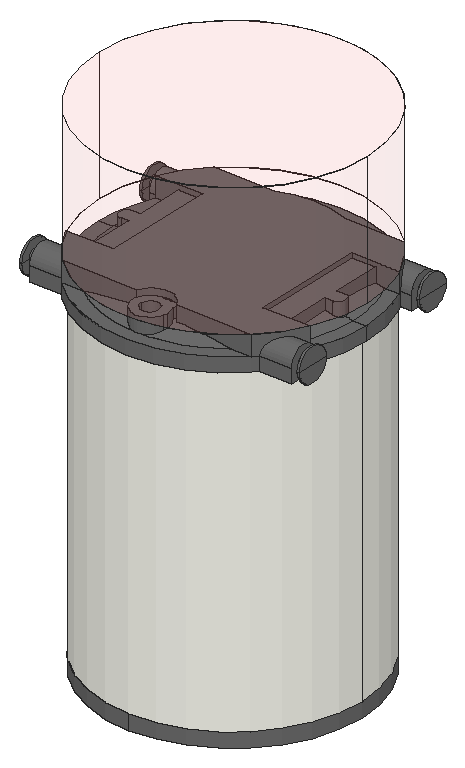
Revit family
Parameters (values of type "1105C4F")
  Watermarked By = "http://revitwatermark.com"
  Water_Ice Tank Volume = "980 Gallons"
  Warning = "Ice tanks are a component in an ice storage system including chillers, pumps, and controls. Contact CALMAC for IceBank® selection support to make sure all system components will work together properly."
  URL = "http://www.calmac.com/"
  Total Cooling Capacity [instance] = 0.0 ton
  Tank Net Usable Capacity = "105 Ton-Hrs"
  Product Page URL = "http://www.calmac.com/products/icebank.asp"
  Is Tank 1 Front Right Connector Visible = not(CTRL Off)  # yes
  Is Tank 1 Front Left Connector Visible = not(CTRL Off)  # yes
  Is Tank 1 Back Right Connector Visible = not(CTRL Off)  # yes
  Is Tank 1 Back Left Connector Visible = not(CTRL Off)  # yes
  Surface Finish = Plastic- Calmac- Black
  Supply Coolant Temperature [instance] = -459.67 °F
  Storage Inlet Temperature [instance] = 60 °F
  Shipping Weight = 1315.00 lbf
  Return Coolant Temperature [instance] = -459.67 °F
  Requires Plate Heat Exchanger [instance] = no
  Project/Customer = ""
  Product Documentation Link = "http://www.calmac.com/products/documents/CS-83Model1105C4F_U4FAug2007.pdf"
  Pressure Drop [instance] = 0.00 psi
  Precool Hours [instance] = 0
  Pipe Material = Plastic- Calmac- Black
  Operating Weight = 10885.00 lbf
  Occupied Hours [instance] = 0
  Model = "1105C"
  Maximum Operating Temperature = "38°C"
  Maximum Operating Pressure = "620 kPa"
  Manufacturer e-mail = "info@Calmac.com"
  Manufacturer Contact Details = "CALMAC Manufacturing Corporation Headquarters, 3-00 Banta Place, Fair Lawn, NJ  07410, Tel: (201) 797-1511, Fax: (201) 797-1522"
  Manufacturer = "CALMAC Manufacturing Corp."  # constant formula
  Main Use [instance] = ""
  Location [instance] = ""
  Lid Diameter = 7' - 5"  # constant formula
  Leg 4 = 3' - 2 1/4"  # constant formula
  Leg 1 = 3' - 2 1/4"  # constant formula
  Latent Cooling Capacity [instance] = 0.0 ton
  Inlet Outlet Center Height = 8' - 0 1/2"  # constant formula
  Heat Exchanger Volume = "99 Gallons"
  Has Rigging Bar [instance] = no
  Has Plate and Frame Heat Exchanger [instance] = no
  Has Ice Inventory Meter [instance] = no
  Has Heat Transfer Fluid [instance] = no
  Has Glycol Management System [instance] = no
  Floor Loading Weight = "363 lb/sq.ft."
  Factory Tested Pressure = "1724 kPa"
  Diversity Factor [instance] = 0
  Discharge Rate [instance] = 0
  Discharge Hours [instance] = 0
  Description = "Off-Peak Cooling System"
  Is Clearance Box Visible [instance] = yes
  Clearance Box Height = 3' - 0"  # constant formula
  City/State [instance] = ""
  CTRL Width = 6' - 1 3/4"
  CTRL On = yes
  CTRL Off = not(CTRL On)  # no
  CTRL Hydronic Supply Description = "Hydronic Supply"  # constant formula
  CTRL Hydronic Return Description = "Hydronic Return"  # constant formula
  CTRL Base Radius = 2' - 11 113/256"  # constant formula
  Body Material = Plastic- Calmac- Off_White
  Has Solid Base [instance] = yes
  Base Height = Inlet Outlet Center Height - 0' 3 3/4"  # 7' - 8 3/4"
  Base Finish = Plastic- Calmac- Black
  Assembly Code = "D3030300"
  Actual Chilled Water Flow [instance] = 0 GPM
Reference planes (in)
  plane 1 "Center (Front/Back)": y = 0
  plane 2 "Bottom": z = 0
  plane 3 "Center (Left/Right)": x = 0
  plane 4 "T.O. Base": z = 92.75
  plane 5 "Inlet/Outlet Center (Elevation)": z = 96.5
  plane 6 "Right Connector Face": x = 38.25
  plane 7 "Left Connector Face": x = -38.25
  plane 8 "T.o. Lid": z = 102
  plane 9 "Top": z = 138
  plane 10 "Front Connector Center (F/B)": y = -20.5
  plane 11 "Back Connector Center (F/B)": y = 20.5
  plane 12 "Back": y = 36.875
  plane 13 "Front": y = -36.875
Dimensions and locks (in)
  locked: plane 5 "Inlet/Outlet Center (Elevation)" to plane 4 "T.O. Base" at 3.75
  "Inlet Outlet Center Height": plane 5 "Inlet/Outlet Center (Elevation)" to plane 2 "Bottom"
  "Leg 1": plane 3 "Center (Left/Right)" to plane 6 "Right Connector Face"
  "Leg 4": plane 7 "Left Connector Face" to plane 3 "Center (Left/Right)"
  locked: plane 8 "T.o. Lid" to plane 5 "Inlet/Outlet Center (Elevation)" at 5.5
  locked: plane 10 "Front Connector Center (F/B)" to plane 1 "Center (Front/Back)" at 20.5
  locked: plane 1 "Center (Front/Back)" to plane 11 "Back Connector Center (F/B)" at 20.5
  "Clearance Box Height": plane 9 "Top" to plane 8 "T.o. Lid"
  plane 8 "T.o. Lid" to plane 2 "Bottom" = 8' - 6"
  equal spacing: plane 13 "Front", plane 1 "Center (Front/Back)", plane 12 "Back"
  "CTRL Width": plane 13 "Front" to plane 12 "Back"
  plane 7 "Left Connector Face" to plane 6 "Right Connector Face" = 6' - 4 1/2"
  plane 7 "Left Connector Face" to plane 3 "Center (Left/Right)" = 3' - 2 1/4"
  aligned and locked: plane 1 "Center (Front/Back)" to nested 1
  aligned and locked: plane 3 "Center (Left/Right)" to nested 1
  aligned and locked: plane 4 "T.O. Base" to nested 2
  aligned and locked: plane 1 "Center (Front/Back)" to nested 2
  aligned and locked: plane 5 "Inlet/Outlet Center (Elevation)" to nested 2
  aligned and locked: plane 3 "Center (Left/Right)" to nested 2
  aligned and locked: plane 2 "Bottom" to nested 1
Nested families (in)
  nested 1: "Cooling_Plant_Accessories-Calmac-IceBank-Base" at (0, 0, 0), type "Base"
    with Is Symbolic Line Visible no, Has Solid Base yes, CTRL Inner Wall Radius 2' - 10 145/256", CTRL Base Radius 2' - 11 113/256", Base Height 7' - 8 3/4"
  nested 2: "Cooling_Plant_Accessories-Calmac-IceBank-Lid_C-75" at (0, 0, 92.75), Surface Finish <- "Surface Finish", Pipe Material <- "Pipe Material", Clearance Box Height <- "Clearance Box Height", Is Clearance Box Visible <- "Is Clearance Box Visible", type "C-75"
    with Surface Finish Plastic- Calmac- Black, Pipe Material Plastic- Calmac- Black, Is Clearance Box Visible yes, Clearance Box Height 3' - 0", CTRL Radius 3' - 0 11/16", Is Front Left Flanged Connector Visible yes, Is Back Left Flanged Connector Visible yes
Connectors (in)
  piping at (38.25, 20.5, 96.5), driven by "CTRL Hydronic Supply Description", driven by "Actual Chilled Water Flow"
    settings: on nested 2, index 1, connector radius 2", flow factor 0, pipe flow 0 GPM, pressure drop 0.00 psi, fitting loss kfactor 0, connector angle 0.00°, fixture units 0, flow configuration 0, flow direction 2, fitting loss method 0, system type 7, connector reference index -1, connector utility 0, adjustable connector no, is connector primary yes, fitting loss table "", connector description "Hydronic Supply"
  piping at (38.25, -20.5, 96.5), driven by "CTRL Hydronic Return Description"
    settings: on nested 2, index 2, connector radius 2", flow factor 0, pipe flow 0 GPM, pressure drop 0.00 psi, fitting loss kfactor 0, connector angle 0.00°, fixture units 0, flow configuration 0, flow direction 1, fitting loss method 0, system type 8, connector reference index -1, connector utility 0, adjustable connector no, is connector primary no, fitting loss table "", connector description "Hydronic Return"
  piping at (-38.25, 20.5, 96.5)
    settings: on nested 2, index 3, connector radius 2", flow factor 0, pipe flow 0 GPM, pressure drop 0.00 psi, fitting loss kfactor 0, connector angle 0.00°, fixture units 0, flow configuration 0, flow direction 0, fitting loss method 0, system type 7, connector reference index -1, connector utility 0, adjustable connector no, is connector primary no, fitting loss table "", connector description ""
  piping at (-38.25, -20.5, 96.5)
    settings: on nested 2, index 4, connector radius 2", flow factor 0, pipe flow 0 GPM, pressure drop 0.00 psi, fitting loss kfactor 0, connector angle 0.00°, fixture units 0, flow configuration 0, flow direction 0, fitting loss method 0, system type 7, connector reference index -1, connector utility 0, adjustable connector no, is connector primary no, fitting loss table "", connector description ""
Definition of nested family "Cooling_Plant_Accessories-Calmac-IceBank-Base"
  Parameters (values of type "Base")
    Wall Thickness = 0' - 0 7/8"
    URL = "http://www.calmac.com/"
    Type Comments = ""
    Is Symbolic Line Visible = not(Has Solid Base)  # yes
    Has Solid Base = no
    Model = ""
    Manufacturer = "CALMAC Manufacturing Corp."  # constant formula
    CTRL Inner Wall Radius = CTRL Base Radius - Wall Thickness  # 3' - 0"
    CTRL Base Radius = 3' - 0 7/8"
    Body Material = Plastic- Calmac- Off_White
    Base Height = 3' - 7 5/16"
    Base Finish = Plastic- Calmac- Black
    Assembly Code = "D3030"
  Reference planes (in)
    plane 1 "Center (Front/Back)": y = 0
    plane 2 "Bottom": z = 0
    plane 3 "Center (Left/Right)": x = 0
    plane 4 "Back": y = 36.875
    plane 5 "Front": y = -36.875
    plane 6 "Right": x = 36.875
    plane 7 "Left": x = -36.875
    plane 8 "T.O. Base Plate": z = 4
    plane 9 "Right Edge of Right Void": x = 24.125
    plane 10 "Left Edge of Right Void": x = 13.125
    plane 11 "Left Edge of Left Void": x = -24.125
    plane 12 "Right Edge of Left Void": x = -13.125
    plane 13 "T.O. Base Void": z = 2
    plane 14 "T.O. Base": z = 43.3125
  Forms (in)
    Extrusion 1, solid, material "Plastic- Calmac- Black" <- "Base Finish", visible <- "Is Symbolic Line Visible", detail levels fine
      sketch origin (0, 0, 0) x (1, 0, 0) y (0, 1, 0)
        loop
          circle (0, 0) r 36.875
      from 0 to 4
    Extrusion 2, void
      sketch origin (0, 0, 0) x (1, 0, 0) y (0, 1, 0)
        loop
          line (-24.125, 36.875) -> (-24.125, -36.875) -> (-13.125, -36.875) -> (-13.125, 36.875) -> (-24.125, 36.875)
        loop
          line (13.125, 36.875) -> (13.125, -36.875) -> (24.125, -36.875) -> (24.125, 36.875) -> (13.125, 36.875)
      from 0 to 2
    Extrusion 3, solid, material "Plastic- Calmac- Off_White" <- "Body Material", detail levels fine
      sketch origin (0, 0, 0) x (1, 0, 0) y (0, 1, 0)
        loop
          circle (0, 0) r 36.875
        loop
          circle (0, 0) r 36
      from 4 to 43.3125
    Extrusion 4, solid, material "Plastic- Calmac- Black" <- "Base Finish", visible <- "Has Solid Base", detail levels fine
      sketch origin (0, 0, 43.3125) x (0, -1, 0) y (1, 0, 0)
        loop
          circle (0, 0) r 36.875
      from -43.3125 to -39.3125
  Cuts and joins
    Extrusion 2 cuts Extrusion 3
    Extrusion 2 cuts Extrusion 1
  Lines and regions (in)
    Masking region 1
      outline origin (0, 0, 0) x (1, 0, 0) y (0, 1, 0)
        loop
          circle (0, 0) r 36.875
    Masking region 2
      outline origin (0, 0, 0) x (1, 0, 0) y (0, 0, 1)
        loop
          line (-36.875, 0) -> (36.875, 0) -> (36.875, 43.3125) -> (-36.875, 43.3125) -> (-36.875, 0)
    Masking region 3
      outline origin (0, 0, 0) x (0, 1, 0) y (0, 0, 1)
        loop
          line (-36.875, 0) -> (36.875, 0) -> (36.875, 43.3125) -> (-36.875, 43.3125) -> (-36.875, 0)
    symbolic lines, style "Base", detail levels medium+fine
      curve 1: line (-36.875, 0, 4) -> (36.875, 0, 4)
      curve 8: line (0, -36.875, 4) -> (0, 36.875, 4)
    symbolic lines, style "Base", visible <- "Is Symbolic Line Visible", detail levels medium+fine
      curve 2: line (-24.125, 0, 0) -> (-24.125, 0, 2)
      curve 3: line (-24.125, 0, 2) -> (-13.125, 0, 2)
      curve 4: line (13.125, 0, 2) -> (24.125, 0, 2)
      curve 5: line (13.125, 0, 0) -> (13.125, 0, 2)
      curve 6: line (24.125, 0, 0) -> (24.125, 0, 2)
      curve 7: line (-13.125, 0, 0) -> (-13.125, 0, 2)
    model lines, style "Base", detail levels medium
      curve 9: circle (0, 0, 43.3125) r 36.875 normal (0, 0, 1)
      curve 10: circle (0, 0, 4) r 36.875 normal (0, 0, 1)
      curve 11: circle (0, 0, 0) r 36.875 normal (0, 0, 1)
      curve 12: line (36.875, 0, 0) -> (36.875, 0, 43.3125)
      curve 13: line (-36.875, 0, 0) -> (-36.875, 0, 43.3125)
      curve 14: line (0, -36.875, 0) -> (0, -36.875, 43.3125)
      curve 15: line (0, 36.875, 0) -> (0, 36.875, 43.3125)
    model lines, style "Base", detail levels coarse
      curve 16: line (0, 0, 0) -> (0, 0, 43.3125)
  Dimensions and locks (in)
    locked: plane 7 "Left" to plane 11 "Left Edge of Left Void" at 12.75
    locked: plane 7 "Left" to plane 12 "Right Edge of Left Void" at 23.75
    locked: plane 9 "Right Edge of Right Void" to plane 6 "Right" at 12.75
    locked: plane 10 "Left Edge of Right Void" to plane 6 "Right" at 23.75
    "CTRL Base Radius": plane 7 "Left" to plane 3 "Center (Left/Right)"
    "CTRL Base Radius": plane 3 "Center (Left/Right)" to plane 6 "Right"
    "CTRL Base Radius": plane 1 "Center (Front/Back)" to plane 4 "Back"
    "CTRL Base Radius": plane 5 "Front" to plane 1 "Center (Front/Back)"
    locked: plane 8 "T.O. Base Plate" to plane 2 "Bottom" at 4
    "Base Height": plane 14 "T.O. Base" to plane 2 "Bottom"
    locked: plane 13 "T.O. Base Void" to plane 2 "Bottom" at 2
    "CTRL Base Radius": radius of Extrusion 1 sketch curve
    "CTRL Base Radius": radius of Extrusion 3 sketch curve
    "CTRL Inner Wall Radius": radius of Extrusion 3 sketch curve
    "CTRL Base Radius": radius of Masking region 1 sketch curve
    "CTRL Base Radius": radius of curve 9
    "CTRL Base Radius": radius of curve 10
    "CTRL Base Radius": radius of curve 11
    "CTRL Base Radius": radius of Extrusion 4 sketch curve
    aligned and locked: plane 3 "Center (Left/Right)" to Extrusion 1 sketch curve
    aligned and locked: plane 1 "Center (Front/Back)" to Extrusion 1 sketch curve
    aligned and locked: Extrusion 1 to plane 2 "Bottom"
    aligned and locked: plane 8 "T.O. Base Plate" to Extrusion 1
    aligned and locked: plane 2 "Bottom" to Extrusion 1
    aligned and locked: Extrusion 2 sketch curve to plane 4 "Back"  (x2)
    aligned and locked: Extrusion 2 sketch curve to plane 12 "Right Edge of Left Void"
    aligned and locked: plane 11 "Left Edge of Left Void" to Extrusion 2 sketch curve
    aligned and locked: Extrusion 2 sketch curve to plane 5 "Front"  (x2)
    aligned and locked: Extrusion 2 sketch curve to plane 10 "Left Edge of Right Void"
    aligned and locked: Extrusion 2 sketch curve to plane 9 "Right Edge of Right Void"
    aligned and locked: plane 13 "T.O. Base Void" to Extrusion 2
    aligned and locked: Extrusion 2 to plane 2 "Bottom"
    aligned and locked: Extrusion 2 to plane 5 "Front"
    aligned and locked: plane 4 "Back" to Extrusion 2
    aligned and locked: Extrusion 2 to plane 13 "T.O. Base Void"  (x2)
    aligned and locked: plane 11 "Left Edge of Left Void" to Extrusion 2
    aligned and locked: plane 2 "Bottom" to Extrusion 2  (x2)
    aligned and locked: Extrusion 2 to plane 12 "Right Edge of Left Void"
    aligned and locked: plane 10 "Left Edge of Right Void" to Extrusion 2
    aligned and locked: Extrusion 2 to plane 9 "Right Edge of Right Void"
    aligned and locked: plane 3 "Center (Left/Right)" to Extrusion 3 sketch curve  (x2)
    aligned and locked: plane 1 "Center (Front/Back)" to Extrusion 3 sketch curve  (x2)
    aligned and locked: Extrusion 3 to plane 8 "T.O. Base Plate"
    aligned and locked: plane 14 "T.O. Base" to Extrusion 3
    aligned and locked: plane 3 "Center (Left/Right)" to Masking region 1 sketch curve
    aligned and locked: plane 1 "Center (Front/Back)" to Masking region 1 sketch curve
    aligned and locked: Masking region 2 sketch curve to plane 14 "T.O. Base"
    aligned and locked: plane 6 "Right" to Masking region 2 sketch curve
    aligned and locked: plane 2 "Bottom" to Masking region 2 sketch curve
    aligned and locked: Masking region 2 sketch curve to plane 7 "Left"
    aligned and locked: plane 7 "Left" to curve 1
    aligned and locked: plane 6 "Right" to curve 1
    aligned and locked: curve 1 to plane 8 "T.O. Base Plate"
    aligned and locked: plane 11 "Left Edge of Left Void" to curve 3
    aligned and locked: plane 12 "Right Edge of Left Void" to curve 3
    aligned and locked: curve 3 to plane 13 "T.O. Base Void"
    aligned and locked: plane 2 "Bottom" to curve 2
    aligned and locked: curve 2 to plane 11 "Left Edge of Left Void"
    aligned and locked: plane 10 "Left Edge of Right Void" to curve 4
    aligned and locked: plane 9 "Right Edge of Right Void" to curve 4
    aligned and locked: plane 13 "T.O. Base Void" to curve 5
    aligned and locked: plane 13 "T.O. Base Void" to curve 6
    aligned and locked: plane 2 "Bottom" to curve 5
    aligned and locked: curve 5 to plane 10 "Left Edge of Right Void"
    aligned and locked: curve 6 to plane 9 "Right Edge of Right Void"
    aligned and locked: plane 13 "T.O. Base Void" to curve 7
    aligned and locked: plane 2 "Bottom" to curve 7
    aligned and locked: curve 7 to plane 12 "Right Edge of Left Void"
    aligned and locked: plane 5 "Front" to Masking region 3 sketch curve
    aligned and locked: plane 14 "T.O. Base" to Masking region 3 sketch curve
    aligned and locked: Masking region 3 sketch curve to plane 4 "Back"
    aligned and locked: plane 2 "Bottom" to Masking region 3 sketch curve
    aligned and locked: plane 4 "Back" to curve 8
    aligned and locked: plane 5 "Front" to curve 8
    aligned and locked: curve 8 to plane 8 "T.O. Base Plate"
    aligned and locked: plane 3 "Center (Left/Right)" to curve 9
    aligned and locked: plane 1 "Center (Front/Back)" to curve 9
    aligned and locked: curve 9 to plane 14 "T.O. Base"
    aligned and locked: curve 10 to plane 8 "T.O. Base Plate"
    aligned and locked: plane 3 "Center (Left/Right)" to curve 10
    aligned and locked: plane 1 "Center (Front/Back)" to curve 10
    aligned: curve 11 to plane 2 "Bottom"
    aligned and locked: plane 3 "Center (Left/Right)" to curve 11
    aligned and locked: plane 1 "Center (Front/Back)" to curve 11
    aligned and locked: plane 14 "T.O. Base" to curve 12
    aligned and locked: plane 14 "T.O. Base" to curve 13
    aligned and locked: plane 2 "Bottom" to curve 12
    aligned and locked: plane 2 "Bottom" to curve 13
    aligned and locked: curve 12 to plane 6 "Right"
    aligned and locked: curve 13 to plane 7 "Left"
    aligned and locked: curve 12 to plane 1 "Center (Front/Back)"
    aligned and locked: curve 13 to plane 1 "Center (Front/Back)"
    aligned and locked: plane 14 "T.O. Base" to curve 14
    aligned and locked: plane 14 "T.O. Base" to curve 15
    aligned and locked: plane 2 "Bottom" to curve 14
    aligned and locked: plane 2 "Bottom" to curve 15
    aligned and locked: plane 4 "Back" to curve 15
    aligned and locked: plane 5 "Front" to curve 14
    aligned and locked: plane 3 "Center (Left/Right)" to curve 14
    aligned and locked: plane 3 "Center (Left/Right)" to curve 15
    aligned and locked: plane 14 "T.O. Base" to curve 16
    aligned and locked: plane 2 "Bottom" to curve 16
    aligned and locked: plane 3 "Center (Left/Right)" to curve 16
    aligned and locked: curve 16 to plane 1 "Center (Front/Back)"
    aligned and locked: plane 1 "Center (Front/Back)" to Extrusion 4 sketch curve
    aligned and locked: plane 3 "Center (Left/Right)" to Extrusion 4 sketch curve
    aligned and locked: plane 8 "T.O. Base Plate" to Extrusion 4
    aligned and locked: Extrusion 4 to plane 2 "Bottom"
  Automatic sketch dimensions
    curve 6 to level = 0' - 0"
Definition of nested family "Cooling_Plant_Accessories-Calmac-IceBank-Lid_C-75"
  Parameters (values of type "C-75")
    bxcbxb = Diameter * 0.5  # 3' - 0 11/16"
    adfasdfa = Diameter * 0.5  # 3' - 0 11/16"
    Surface Finish [instance] = none
    Pipe Material [instance] = none
    Is Front Right Flanged Connector Visible = yes
    Is Front Left Flanged Connector Visible = no
    Diameter = 6' - 1 3/8"
    Is Clearance Box Visible [instance] = yes
    Clearance Box Height [instance] = 2' - 0"
    CTRL Radius [instance] = Diameter / 2  # 3' - 0 11/16"
    Is Back Right Flanged Connector Visible = yes
    Is Back Left Flanged Connector Visible = no
  Reference planes (in)
    plane 1 "Center (Front/Back)": y = 0
    plane 2 "Bottom": z = 0
    plane 3 "Center (Left/Right)": x = 0
    plane 4 "Back": y = 36.6875
    plane 5 "Back Connector Back": y = 24.75
    plane 6 "Back Connector Center": y = 20.5
    plane 7 "Back Connector Front": y = 16.25
    plane 8 "Piping Back": y = 25.88647
    plane 9 "Rigging Back": y = 15.25
    plane 10 "Rigging Loop Back": y = 2
    plane 11 "Top Back Edge": y = 24
    plane 12 "Back Inset": y = 32.8725
    plane 13 "Back Bolt Front": y = 33.6855
    plane 14 "Front": y = -36.6875
    plane 15 "Front Connection Front": y = -24.75
    plane 16 "Fron Connector Center": y = -20.5
    plane 17 "Front Connector Back": y = -16.25
    plane 18 "Piping Front": y = -25.88647
    plane 19 "Rigging Front": y = -15.25
    plane 20 "Rigging Loop Front": y = -2
    plane 21 "Top Front Edge": y = -28
    plane 22 "Front Inset": y = -32.8725
    plane 23 "Pad Eye Hole": y = -27.02527
    plane 24 "Pad Eye Front Center": y = -28.53621
    plane 25 "Left Connection": x = -36.41773
    plane 26 "Left": x = -36.6875
    plane 27 "Left Lip Inset": x = -32.8725
    plane 28 "Left Rigging Loop Left": x = -30.87661
    plane 29 "Left Rigging Loop Inset": x = -27.6267
    plane 30 "Left Rigging Loop Right": x = -26.875
    plane 31 "Left Rigging Right": x = -20.40035
    plane 32 "Top Left": x = -9.54335
    plane 33 "Right Connection": x = 36.41773
    plane 34 "Right": x = 36.6875
    plane 35 "Lid Inset Right": x = 32.8725
    plane 36 "Right Rigging Loop Right": x = 30.88136
    plane 37 "Right Rigging Loop Inset": x = 27.63145
    plane 38 "Right Rigging Loop Left": x = 26.87975
    plane 39 "Right Rigging Left": x = 20.4051
    plane 40 "Top Right": x = 9.54335
    plane 41 "Top": z = 9.25
    plane 42 "Connector Center(Elevation)": z = 3.75
    plane 43 "Connector Channel Top": z = 8
    plane 44 "Connection Sleeve Left": x = -33.10311
    plane 45 "Connection Sleeve Right": x = 33.1032
    plane 46 "Right Center": x = 24.02983
    plane 47 "Bolt Inset Right": x = 1.00017
    plane 48 "Bolt Inset Left": x = -1.00017
    plane 49 "Bolt Inset Center": y = 34.68672
    plane 50 "Top Left Inset": x = -30.90528
    plane 51 "Top Right Inset": x = 30.90528
    plane 52 "Right Side Chanel": x = 35.23566
    plane 53 "Left Side Channel": x = -35.23566
    plane 54 "Right Tunnel Ref": x = 25.99737
    plane 55 "Left Tunnel Ref": x = -25.99737
    plane 56 "Left Tunnel Ref Center": x = -33.3678
    plane 57 "Right Tunnel Ref Center": x = 33.3678
    plane 58 "T.O. Clearance Box": z = 33.25
    plane 59 "Right Connector Face": x = 38.25
    plane 60 "Left Connector Face": x = -38.25
    plane 61 "Sleeve Left": x = -35.83203
    plane 62 "Sleeve Right": x = 35.83203
  Forms (in)
    Revolve 1, solid, material <- "Surface Finish", detail levels fine
      sketch origin (0, 0, 0) x (1, 0, 0) y (0, 0, 1)
        loop
          line (0, 9.25) -> (0, 0) -> (36.6875, 0) -> (36.6875, 3.75) -> (32.8725, 3.75) -> (9.54335, 9.25) -> (0, 9.25)
        axis (0, 9.25) -> (0, 0)
      angle from 0 to 360
    Extrusion 2, solid, material <- "Surface Finish", detail levels fine
      sketch origin (0, 0, 0) x (1, 0, 0) y (0, 1, 0)
        loop
          arc (-25.99737, 25.88647) -> (-30.15526, 20.89577) -> (-33.3678, 15.25) r 36.6875
          line (-33.3678, 15.25) -> (-20.40035, 15.25) -> (-20.40035, -15.25) -> (-33.3678, -15.25)
          arc (-33.3678, -15.25) -> (-30.15526, -20.89577) -> (-25.99737, -25.88647) r 36.6875
          line (-25.99737, -25.88647) -> (-5.47378, -25.88647)
          arc (-5.47378, -25.88647) -> (0.00163, -22.34) -> (5.47705, -25.88647) r 6
          line (5.47705, -25.88647) -> (25.99737, -25.88647)
          arc (25.99737, -25.88647) -> (30.15526, -20.89577) -> (33.3678, -15.25) r 36.6875
          line (33.3678, -15.25) -> (20.4051, -15.25) -> (20.4051, 15.25) -> (33.3678, 15.25)
          arc (33.3678, 15.25) -> (30.15526, 20.89577) -> (25.99737, 25.88647) r 36.6875
          line (25.99737, 25.88647) -> (9.54335, 25.88647)
          arc (9.54335, 25.88647) -> (0, 27.83962) -> (-9.54335, 25.88647) r 24.29157
          line (-9.54335, 25.88647) -> (-25.99737, 25.88647)
      from 3.75 to 9.25
    Extrusion 3, solid, material <- "Surface Finish", detail levels fine
      sketch origin (0, 0, 0) x (0, 1, 0) y (0, 0, 1)
        loop
          arc (24.75, 3.75) -> (20.5, 8) -> (16.25, 3.75) r 4.25
          line (16.25, 3.75) -> (16.25, 0) -> (24.75, 0) -> (24.75, 3.75)
        loop
          arc (-16.25, 3.75) -> (-20.5, 8) -> (-24.75, 3.75) r 4.25
          line (-24.75, 3.75) -> (-24.75, 0) -> (-16.25, 0) -> (-16.25, 3.75)
      from -35.83203 to 35.83203
    Extrusion 4, solid, material <- "Surface Finish", detail levels fine
      sketch origin (0, 0, 0) x (1, 0, 0) y (0, 1, 0)
        loop
          line (-26.875, 15.25) -> (-26.875, 2) -> (-28.87661, 2)
          arc (-28.87661, 2) -> (-30.87661, 0) -> (-28.87661, -2) r 2
          line (-28.87661, -2) -> (-26.875, -2) -> (-26.875, -15.25) -> (-20.40035, -15.25) -> (-20.40035, 15.25) -> (-26.875, 15.25)
        loop
          line (26.87975, 2) -> (26.87975, 15.25) -> (20.4051, 15.25) -> (20.4051, -15.25) -> (26.87975, -15.25) -> (26.87975, -2) -> (28.88512, -2)
          arc (28.88512, -2) -> (30.88512, 0) -> (28.88512, 2) r 2
          line (28.88512, 2) -> (26.87975, 2)
      from 3.75 to 8
    Extrusion 5, solid, material <- "Surface Finish", detail levels fine
      sketch origin (0, 0, 9.25) x (-1, 0, 0) y (0, -1, 0)
        loop
          arc (-2.21906, 23.96212) -> (2.64241, 24.20385) -> (4.9051, 28.51344) r 4.90816
          arc (4.9051, 28.51344) -> (4.68488, 28.94415) -> (4.53675, 29.40466) r 3
          arc (4.53675, 29.40466) -> (-0.00027, 33) -> (-4.53687, 29.40413) r 4.66
          arc (-4.53687, 29.40413) -> (-4.68495, 28.94361) -> (-4.90512, 28.51288) r 3
          arc (-4.90512, 28.51288) -> (-4.7228, 27.00389) -> (-4.08756, 25.62304) r 4.90816
          arc (-4.08756, 25.62304) -> (-3.98687, 23.85484) -> (-2.21906, 23.96212) r 1.25
        loop
          circle (0, 28.34) r 2.46875
      from -5.5 to -1.25
  Cuts and joins
    joined: Revolve 1, Extrusion 2, Extrusion 4
  Lines and regions (in)
    Masking region 1
      outline origin (0, 0, 0) x (1, 0, 0) y (0, 0, 1)
        loop
          line (-33.3678, 9.25) -> (-33.3678, 3.75) -> (-36.6875, 3.75) -> (-36.6875, 0) -> (36.6875, 0) -> (36.6875, 3.75) -> (33.3678, 3.75) -> (33.3678, 9.25) -> (-33.3678, 9.25)
    Masking region 2
      outline origin (0, 0, 0) x (0, 1, 0) y (0, 0, 1)
        loop
          line (36.6875, 3.75) -> (32.8725, 3.75) -> (27.9625, 4.87873) -> (27.9625, 9.25) -> (-25.88647, 9.25) -> (-25.88647, 8) -> (-32.8725, 8) -> (-32.8725, 3.75) -> (-36.6875, 3.75) -> (-36.6875, 0) -> (36.6875, 0) -> (36.6875, 3.75)
    Masking region 3
      outline origin (0, 0, 0) x (1, 0, 0) y (0, 1, 0)
        loop
          arc (-33.10311, 15.81634) -> (-36.6875, 0) -> (-33.10311, -15.81634) r 36.6875
          line (-33.10311, -15.81634) -> (-33.10311, -16.25) -> (-35.83203, -16.25) -> (-35.83203, -24.75) -> (-27.08155, -24.75)
          arc (-27.08155, -24.75) -> (0, -36.6875) -> (27.08155, -24.75) r 36.6875
          line (27.08155, -24.75) -> (35.83203, -24.75) -> (35.83203, -16.25) -> (33.1032, -16.25) -> (33.1032, -15.81617)
          arc (33.1032, -15.81617) -> (36.6875, 0) -> (33.1032, 15.81617) r 36.6875
          line (33.1032, 15.81617) -> (33.1032, 16.25) -> (35.83203, 16.25) -> (35.83203, 24.75) -> (27.08155, 24.75)
          arc (27.08155, 24.75) -> (0, 36.6875) -> (-27.08155, 24.75) r 36.6875
          line (-27.08155, 24.75) -> (-35.83203, 24.75) -> (-35.83203, 16.25) -> (-33.10311, 16.25) -> (-33.10311, 15.81634)
    symbolic lines, style "Thermal Energy Storage", detail levels fine
      curve 1: arc (0, 24.75, 3.75) -> (0, 20.5, 8) -> (0, 16.25, 3.75) r 4.25
      curve 2: line (0, 24.75, 0) -> (0, 24.75, 3.75)
      curve 3: line (0, 16.25, 3.75) -> (0, 16.25, 0)
      curve 6: arc (0, -2, 5.14855) -> (0, -8.63661, 4.84477) -> (0, -15.25, 4.21246) r 134.00815
      curve 8: line (0, -2, 8) -> (0, -2, 6.75604)
      curve 9: arc (0, 15.25, 4.21246) -> (0, 8.63661, 4.84477) -> (0, 2, 5.14855) r 134.00815
      curve 10: line (0, 2, 4.63945) -> (0, 2, 8)
      curve 11: line (0, -15.25, 8) -> (0, 15.25, 8)
      curve 14: arc (0, -16.25, 3.75) -> (0, -20.5, 8) -> (0, -24.75, 3.75) r 4.25
      curve 15: line (0, -16.25, 0) -> (0, -16.25, 3.75)
      curve 16: line (0, -24.75, 3.75) -> (0, -24.75, 0)
      curve 32: line (26.87975, 2, 3.75) -> (26.87975, 15.25, 3.75)
      curve 33: arc (20.4051, 7.23282, 3.75) -> (21.3358, 3.66951, 3.75) -> (21.64906, 0, 3.75) r 21.64906
      curve 34: arc (21.64906, 0, 3.75) -> (21.3358, -3.66951, 3.75) -> (20.4051, -7.23282, 3.75) r 21.64906
      curve 35: line (26.87975, -15.25, 3.75) -> (26.87975, -2, 3.75)
      curve 36: line (26.87975, -2, 3.75) -> (28.88512, -2, 3.75)
      curve 37: arc (28.88512, -2, 3.75) -> (30.88512, 0, 3.75) -> (28.88512, 2, 3.75) r 2
      curve 38: line (28.88512, 2, 3.75) -> (26.87975, 2, 3.75)
      curve 39: line (-26.875, 15.25, 3.75) -> (-26.875, 2, 3.75)
      curve 40: line (-26.875, 2, 3.75) -> (-28.87661, 2, 3.75)
      curve 41: arc (-28.87661, 2, 3.75) -> (-30.87661, 0, 3.75) -> (-28.87661, -2, 3.75) r 2
      curve 42: line (-28.87661, -2, 3.75) -> (-26.875, -2, 3.75)
      curve 43: line (-26.875, -2, 3.75) -> (-26.875, -15.25, 3.75)
      curve 44: arc (-20.40035, -7.232, 3.75) -> (-21.33105, -3.6691, 3.75) -> (-21.64431, 0, 3.75) r 21.64431
      curve 45: arc (-21.64431, 0, 3.75) -> (-21.33105, 3.6691, 3.75) -> (-20.40035, 7.232, 3.75) r 21.64431
      curve 48: line (-1.00017, 36.67386, 9.25) -> (-1.00017, 34.68672, 9.25)
      curve 49: arc (-1.00017, 34.68672, 9.25) -> (0, 33.68655, 9.25) -> (1.00017, 34.68672, 9.25) r 1.00017
      curve 50: line (1.00017, 34.68672, 9.25) -> (1.00017, 36.6875, 9.25)
      curve 51: line (11.31854, 34.8979, 9.25) -> (10.65418, 33.0251, 9.25)
      curve 52: arc (10.65418, 33.0251, 9.25) -> (11.26241, 31.7481, 9.25) -> (12.53942, 32.35633, 9.25) r 1.00017
      curve 53: line (12.53942, 32.35633, 9.25) -> (13.20834, 34.24197, 9.25)
      curve 54: line (-13.21164, 34.2958, 9.25) -> (-12.55966, 32.41866, 9.25)
      curve 55: arc (-12.55966, 32.41866, 9.25) -> (-11.2867, 31.80201, 9.25) -> (-10.67005, 33.07497, 9.25) r 1.00017
      curve 56: line (-10.67005, 33.07497, 9.25) -> (-11.3265, 34.96499, 9.25)
      curve 57: line (-23.92286, 28.15972, 9.25) -> (-22.74294, 26.56081, 9.25)
      curve 58: arc (-22.74294, 26.56081, 9.25) -> (-21.34429, 26.34992, 9.25) -> (-21.1334, 27.74856, 9.25) r 1.00017
      curve 59: line (-21.1334, 27.74856, 9.25) -> (-22.32142, 29.35845, 9.25)
      curve 60: line (32.4594, -12.82483, 9.25) -> (32.6548, -12.1272, 9.25)
      curve 61: arc (32.6548, -12.1272, 9.25) -> (31.34512, -12.66144, 9.25) -> (31.87936, -13.97113, 9.25) r 1.00017
      curve 62: line (31.87936, -13.97113, 9.25) -> (33.72369, -14.74673, 9.25)
      curve 63: line (22.39077, 29.34394, 9.25) -> (21.11473, 27.69559, 9.25)
      curve 64: arc (21.11473, 27.69559, 9.25) -> (21.29337, 26.29246, 9.25) -> (22.6965, 26.47109, 9.25) r 1.00017
      curve 65: line (22.6965, 26.47109, 9.25) -> (23.92126, 28.05321, 9.25)
      curve 66: arc (34.65389, -3.55302, 9.25) -> (33.53087, -4.41256, 9.25) -> (34.39041, -5.53559, 9.25) r 1
      curve 67: line (34.39041, -5.53559, 9.25) -> (36.36427, -5.7979, 9.25)
      curve 68: line (34.65389, -3.55302, 9.25) -> (36.62775, -3.81533, 9.25)
      curve 69: line (34.39041, 5.53559, 9.25) -> (36.36427, 5.7979, 9.25)
      curve 70: arc (34.39041, 5.53559, 9.25) -> (33.53087, 4.41256, 9.25) -> (34.65389, 3.55302, 9.25) r 1
      curve 71: line (34.65389, 3.55302, 9.25) -> (36.62775, 3.81533, 9.25)
      curve 72: line (31.91582, 13.97144, 9.25) -> (33.76295, 14.71511, 9.25)
      curve 73: arc (31.91582, 13.97144, 9.25) -> (31.36165, 12.67033, 9.25) -> (32.66277, 12.11616, 9.25) r 1
      curve 74: line (32.66277, 12.11616, 9.25) -> (34.5099, 12.85983, 9.25)
      curve 75: line (-31.91107, 13.97144, 9.25) -> (-33.7582, 14.71511, 9.25)
      curve 76: arc (-32.65802, 12.11616, 9.25) -> (-31.3569, 12.67033, 9.25) -> (-31.91107, 13.97144, 9.25) r 1
      curve 77: line (-32.65802, 12.11616, 9.25) -> (-34.50515, 12.85983, 9.25)
      curve 78: line (-34.38566, 5.53559, 9.25) -> (-36.35952, 5.7979, 9.25)
      curve 79: arc (-34.64914, 3.55302, 9.25) -> (-33.52612, 4.41256, 9.25) -> (-34.38566, 5.53559, 9.25) r 1
      curve 80: line (-34.64914, 3.55302, 9.25) -> (-36.623, 3.81533, 9.25)
      curve 81: line (-34.64914, -3.55302, 9.25) -> (-36.623, -3.81533, 9.25)
      curve 82: arc (-34.38566, -5.53559, 9.25) -> (-33.52612, -4.41256, 9.25) -> (-34.64914, -3.55302, 9.25) r 1
      curve 83: line (-34.38566, -5.53559, 9.25) -> (-36.35952, -5.7979, 9.25)
      curve 84: line (-22.69219, -26.43077, 9.25) -> (-23.97422, -28.0179, 9.25)
      curve 85: arc (-21.13636, -27.68751, 9.25) -> (-21.28591, -26.28122, 9.25) -> (-22.69219, -26.43077, 9.25) r 1
      curve 86: line (-21.13636, -27.68751, 9.25) -> (-22.4199, -29.27651, 9.25)
      curve 87: line (-12.56783, -32.48955, 9.25) -> (-13.24652, -34.41359, 9.25)
      curve 88: arc (-10.68173, -33.15486, 9.25) -> (-11.29213, -31.87915, 9.25) -> (-12.56783, -32.48955, 9.25) r 1
      curve 89: line (-10.68173, -33.15486, 9.25) -> (-11.36123, -35.08117, 9.25)
      curve 90: line (-1.00017, -34.82, 9.25) -> (-1.00017, -36.80999, 9.25)
      curve 91: arc (1.00017, -34.82, 9.25) -> (0, -33.81983, 9.25) -> (-1.00017, -34.82, 9.25) r 1.00017
      curve 92: line (1.00017, -34.82, 9.25) -> (1.00017, -36.81244, 9.25)
      curve 93: line (12.56783, -32.48955, 9.25) -> (13.23022, -34.36736, 9.25)
      curve 94: arc (12.56783, -32.48955, 9.25) -> (11.29213, -31.87915, 9.25) -> (10.68173, -33.15486, 9.25) r 1
      curve 95: line (10.68173, -33.15486, 9.25) -> (11.34412, -35.03267, 9.25)
      curve 96: arc (22.69219, -26.43077, 9.25) -> (21.28591, -26.28122, 9.25) -> (21.13636, -27.68751, 9.25) r 1
      curve 97: line (22.69219, -26.43077, 9.25) -> (23.94341, -27.97976, 9.25)
      curve 98: line (21.13636, -27.68751, 9.25) -> (22.38758, -29.2365, 9.25)
      curve 99: line (32.66277, -12.11616, 9.25) -> (34.5099, -12.85983, 9.25)
      curve 100: line (-31.91107, -14.79231, 9.25) -> (-33.7582, -15.23425, 9.25)
      curve 101: arc (-31.91107, -14.79231, 9.25) -> (-31.3569, -13.49119, 9.25) -> (-32.65802, -12.93703, 9.25) r 1
      curve 102: line (-32.65802, -12.93703, 9.25) -> (-34.50515, -13.37897, 9.25)
      curve 106: arc (-5.47378, 0, 5.26563) -> (-15.77731, 0, 4.35832) -> (-25.99737, 0, 2.76575) r 154.97971
      curve 107: arc (25.99737, 0, 2.76578) -> (15.77893, 0, 4.35812) -> (5.47705, 0, 5.26547) r 154.99141
      curve 108: line (5.47705, 0, 9.25) -> (5.47705, 0, 5.26547)
      curve 109: line (-5.47378, 0, 5.26563) -> (-5.47378, 0, 9.25)
      curve 110: line (-4.9051, 0, 8) -> (-4.9051, 0, 4.70486)
      curve 111: line (4.90512, 0, 4.70486) -> (4.90512, 0, 8)
      curve 112: line (4.90512, 0, 8) -> (-4.9051, 0, 8)
      curve 113: line (-33.10311, 0, 8) -> (-33.10311, 0, 0)
      curve 114: line (33.1032, 0, 0) -> (33.1032, 0, 8)
      curve 115: arc (-4.9051, 0, 4.70486) -> (0.00001, 0, 3.8302) -> (4.90512, 0, 4.70486) r 14.19119
      curve 116: arc (30.87466, 0, 8) -> (28.02128, 0, 6.67955) -> (26.87975, 0, 3.75) r 4.20763
      curve 117: line (26.87975, 0, 3.75) -> (26.87975, 0, 0)
      curve 118: line (30.87466, 0, 8) -> (33.1032, 0, 8)
      curve 119: arc (-30.90528, 0, 8) -> (-28.05544, 0, 6.81956) -> (-26.875, 0, 3.96972) r 4.03028
      curve 120: line (-26.875, 0, 3.96972) -> (-26.875, 0, 0)
      curve 121: line (-30.90528, 0, 8) -> (-33.10311, 0, 8)
      curve 122: line (30.90528, -2, 4.63175) -> (30.90528, -2, 8)
      curve 123: arc (30.90528, 1.99747, 4.63175) -> (30.90528, -0.00127, 4.2218) -> (30.90528, -2, 4.63175) r 5.07744
      curve 124: line (30.90528, 25.88647, 4.9399) -> (30.90528, 27.84324, 4.88321)
      curve 125: arc (9.54335, 25.88647, 9.25) -> (0, 27.83962, 9.25) -> (-9.54335, 25.88647, 9.25) r 24.29157
      curve 126: arc (-5.2102, -25.36733, 9.25) -> (0.00163, -22.34, 9.25) -> (5.21347, -25.36733, 9.25) r 6
      curve 130: arc (-4.53675, -29.40466, 9.25) -> (0.00027, -33, 9.25) -> (4.53687, -29.40413, 9.25) r 4.66
      curve 131: arc (4.53687, -29.40413, 9.25) -> (4.68495, -28.94361, 9.25) -> (4.90512, -28.51288, 9.25) r 3
      curve 132: arc (4.90512, -28.51288, 9.25) -> (4.7228, -27.00389, 9.25) -> (4.08756, -25.62304, 9.25) r 4.90816
      curve 133: arc (4.08756, -25.62304, 9.25) -> (3.98687, -23.85484, 9.25) -> (2.21906, -23.96212, 9.25) r 1.25
      curve 134: arc (2.21906, -23.96212, 9.25) -> (-2.64241, -24.20385, 9.25) -> (-4.9051, -28.51344, 9.25) r 4.90816
      curve 135: arc (-4.9051, -28.51344, 9.25) -> (-4.68488, -28.94415, 9.25) -> (-4.53675, -29.40466, 9.25) r 3
      curve 136: arc (2.46875, -28.34, 9.25) -> (0, -30.80875, 9.25) -> (-2.46875, -28.34, 9.25) r 2.46875
      curve 137: arc (-2.46875, -28.34, 9.25) -> (0, -25.87125, 9.25) -> (2.46875, -28.34, 9.25) r 2.46875
    symbolic lines, style "Thermal Energy Storage", detail levels medium+fine
      curve 4: line (0, 25.88647, 3.75) -> (0, 25.88647, 9.25)
      curve 5: line (0, 25.88647, 3.75) -> (0, 32.8725, 3.75)
      curve 7: line (0, -15.25, 3.75) -> (0, -15.25, 9.25)
      curve 12: line (0, 15.25, 9.25) -> (0, 15.25, 3.75)
      curve 13: line (0, 15.25, 3.75) -> (0, -15.25, 3.75)
      curve 17: line (0, -25.88647, 9.25) -> (0, -25.88647, 3.75)
      curve 18: line (0, -25.88647, 3.75) -> (0, -32.87023, 3.75)
      curve 19: line (-9.54335, 25.88647, 3.75) -> (-25.99737, 25.88647, 3.75)
      curve 20: arc (-25.99737, 25.88647, 3.75) -> (-30.15526, 20.89577, 3.75) -> (-33.3678, 15.25, 3.75) r 36.6875
      curve 21: line (-33.3678, 15.25, 3.75) -> (-20.40035, 15.25, 3.75)
      curve 22: line (-20.40035, 15.25, 3.75) -> (-20.40035, -15.25, 3.75)
      curve 23: line (-20.40035, -15.25, 3.75) -> (-33.3678, -15.25, 3.75)
      curve 24: line (-25.99737, -25.88647, 3.75) -> (-5.47378, -25.88647, 3.75)
      curve 25: line (5.47705, -25.88647, 3.75) -> (25.99737, -25.88647, 3.75)
      curve 26: arc (25.99737, -25.88647, 3.75) -> (30.15526, -20.89577, 3.75) -> (33.3678, -15.25, 3.75) r 36.6875
      curve 27: line (33.3678, -15.25, 3.75) -> (20.4051, -15.25, 3.75)
      curve 28: line (20.4051, -15.25, 3.75) -> (20.4051, 15.25, 3.75)
      curve 29: line (20.4051, 15.25, 3.75) -> (33.3678, 15.25, 3.75)
      curve 30: arc (33.3678, 15.25, 3.75) -> (30.15526, 20.89577, 3.75) -> (25.99737, 25.88647, 3.75) r 36.6875
      curve 31: line (25.99737, 25.88647, 3.75) -> (9.54335, 25.88647, 3.75)
      curve 46: arc (-29.1211, -15.25, 3.75) -> (-32.8725, 0, 3.75) -> (-29.1211, 15.25, 3.75) r 32.8725
      curve 47: arc (29.1211, 15.25, 3.75) -> (32.8725, 0, 3.75) -> (29.1211, -15.25, 3.75) r 32.8725
      curve 103: line (-25.99737, 0, 3.75) -> (25.99737, 0, 3.75)
      curve 104: line (25.99737, 0, 3.75) -> (25.99737, 0, 9.25)
      curve 105: line (-25.99737, 0, 3.75) -> (-25.99737, 0, 9.25)
      curve 127: arc (20.2606, -25.88647, 9.25) -> (0, -32.8725, 9.25) -> (-20.2606, -25.88647, 9.25) r 32.8725
      curve 128: arc (-20.2606, 25.88647, 9.25) -> (0, 32.8725, 9.25) -> (20.2606, 25.88647, 9.25) r 32.8725
      curve 129: arc (-33.3678, -15.25, 9.25) -> (-30.15526, -20.89577, 9.25) -> (-25.99737, -25.88647, 9.25) r 36.6875
    model lines, style "Thermal Energy Storage", detail levels medium
      curve 138: arc (36.6875, 0, 0) -> (0, 36.6875, 0) -> (-36.6875, 0, 0) r 36.6875
      curve 139: arc (-36.6875, 0, 0) -> (0, -36.6875, 0) -> (36.6875, 0, 0) r 36.6875
      curve 140: arc (36.6875, 0, 3.75) -> (0, 36.6875, 3.75) -> (-36.6875, 0, 3.75) r 36.6875
      curve 141: arc (-36.6875, 0, 3.75) -> (0, -36.6875, 3.75) -> (36.6875, 0, 3.75) r 36.6875
      curve 142: arc (-32.87211, 0.161, 3.75) -> (0.161, 32.87211, 3.75) -> (32.87211, -0.161, 3.75) r 32.8725
      curve 143: arc (32.87211, -0.161, 3.75) -> (-0.161, -32.87211, 3.75) -> (-32.87211, 0.161, 3.75) r 32.8725
      curve 144: line (-20.40035, 15.25, 3.75) -> (-20.40035, -15.25, 3.75)
      curve 145: line (-20.40035, -15.25, 3.75) -> (-33.3678, -15.25, 3.75)
      curve 146: arc (-33.3678, -15.25, 3.75) -> (-30.15526, -20.89577, 3.75) -> (-25.99737, -25.88647, 3.75) r 36.6875
      curve 147: line (-25.99737, -25.88647, 3.75) -> (-5.47378, -25.88647, 3.75)
      curve 148: arc (-5.47378, -25.88647, 3.75) -> (0.00163, -22.34, 3.75) -> (5.47705, -25.88647, 3.75) r 6
      curve 149: line (5.47705, -25.88647, 3.75) -> (26.86466, -25.88647, 3.75)
      curve 150: arc (25.99737, -25.88647, 3.75) -> (30.15526, -20.89577, 3.75) -> (33.3678, -15.25, 3.75) r 36.6875
      curve 151: line (33.3678, -15.25, 3.75) -> (20.4051, -15.25, 3.75)
      curve 152: line (20.4051, -15.25, 3.75) -> (20.4051, 15.25, 3.75)
      curve 153: line (20.4051, 15.25, 3.75) -> (33.1032, 15.25, 3.75)
      curve 154: arc (33.3678, 15.25, 3.75) -> (30.15526, 20.89577, 3.75) -> (25.99737, 25.88647, 3.75) r 36.6875
      curve 155: line (26.87975, 25.88647, 3.75) -> (9.54335, 25.88647, 3.75)
      curve 156: arc (9.54335, 25.88647, 3.75) -> (0, 27.83962, 3.75) -> (-9.54335, 25.88647, 3.75) r 24.29157
      curve 157: line (-9.54335, 25.88647, 3.75) -> (-25.58314, 25.88647, 3.75)
      curve 158: arc (-25.99737, 25.88647, 3.75) -> (-30.15526, 20.89577, 3.75) -> (-33.3678, 15.25, 3.75) r 36.6875
      curve 159: line (-32.69791, 15.25, 3.75) -> (-20.40035, 15.25, 3.75)
      curve 160: line (-20.40035, 15.25, 9.25) -> (-20.40035, -15.25, 9.25)
      curve 161: line (-20.40035, -15.25, 9.25) -> (-32.1296, -15.25, 9.25)
      curve 162: arc (-33.3678, -15.25, 9.25) -> (-30.15526, -20.89577, 9.25) -> (-25.99737, -25.88647, 9.25) r 36.6875
      curve 163: line (-25.99737, -25.88647, 9.25) -> (-5.51517, -25.88647, 9.25)
      curve 164: arc (-5.2102, -25.36733, 9.25) -> (0.00163, -22.34, 9.25) -> (5.21347, -25.36733, 9.25) r 6
      curve 165: line (6.00769, -25.88647, 9.25) -> (25.99737, -25.88647, 9.25)
      curve 166: arc (25.99737, -25.88647, 9.25) -> (30.15526, -20.89577, 9.25) -> (33.3678, -15.25, 9.25) r 36.6875
      curve 167: line (33.3678, -15.25, 9.25) -> (20.4051, -15.25, 9.25)
      curve 168: line (20.4051, -15.25, 9.25) -> (20.4051, 15.25, 9.25)
      curve 169: line (20.4051, 15.25, 9.25) -> (33.3678, 15.25, 9.25)
      curve 170: arc (33.3678, 15.25, 9.25) -> (30.15526, 20.89577, 9.25) -> (25.99737, 25.88647, 9.25) r 36.6875
      curve 171: line (25.99737, 25.88647, 9.25) -> (9.54335, 25.88647, 9.25)
      curve 172: arc (9.54335, 25.88647, 9.25) -> (0, 27.83962, 9.25) -> (-9.54335, 25.88647, 9.25) r 24.29157
      curve 173: line (-8.18696, 25.88647, 9.25) -> (-25.99737, 25.88647, 9.25)
      curve 174: arc (-25.99737, 25.88647, 9.25) -> (-30.15526, 20.89577, 9.25) -> (-33.3678, 15.25, 9.25) r 36.6875
      curve 175: line (-33.3678, 15.25, 9.25) -> (-20.40035, 15.25, 9.25)
      curve 176: line (-25.99737, 25.88647, 3.75) -> (-25.99737, 25.88647, 9.25)
      curve 177: line (-25.99737, -25.88647, 9.25) -> (-25.99737, -25.88647, 3.75)
      curve 178: line (-33.3678, 15.25, 9.25) -> (-33.3678, 15.25, 3.75)
      curve 179: line (-33.3678, -15.25, 3.75) -> (-33.3678, -15.25, 9.25)
      curve 180: line (33.3678, 15.25, 3.75) -> (33.3678, 15.25, 9.25)
      curve 181: line (33.3678, -15.25, 9.25) -> (33.3678, -15.25, 3.75)
      curve 182: line (25.99737, 25.88647, 9.25) -> (25.99737, 25.88647, 3.75)
      curve 183: line (25.99737, -25.88647, 3.75) -> (25.99737, -25.88647, 9.25)
    model lines, style "Thermal Energy Storage", detail levels coarse
      curve 184: line (-36.6875, 0, 9.25) -> (36.6875, 0, 9.25)
      curve 185: line (0, -36.6875, 9.25) -> (0, 36.6875, 9.25)
      curve 186: line (0, 0, 9.25) -> (0, 0, 0)
  Dimensions and locks (in)
    plane 41 "Top" to plane 2 "Bottom" = 0' - 9 1/4"
    locked: plane 43 "Connector Channel Top" to plane 2 "Bottom" at 8
    locked: plane 42 "Connector Center(Elevation)" to plane 2 "Bottom" at 3.75
    locked: Extrusion 4 sketch curve to plane 29 "Left Rigging Loop Inset" at 1.24992
    locked: Extrusion 4 sketch curve to plane 30 "Left Rigging Loop Right" at 2.00161
    locked: plane 37 "Right Rigging Loop Inset" to Extrusion 4 sketch curve at 1.25367  (x2)
    locked: plane 26 "Left" to plane 25 "Left Connection" at 0.26977
    locked: plane 26 "Left" to plane 44 "Connection Sleeve Left" at 3.58439
    locked: plane 26 "Left" to plane 27 "Left Lip Inset" at 3.815
    locked: plane 33 "Right Connection" to plane 34 "Right" at 0.26977
    locked: plane 45 "Connection Sleeve Right" to plane 34 "Right" at 3.5843
    locked: plane 35 "Lid Inset Right" to plane 34 "Right" at 3.815
    "Diameter": plane 26 "Left" to plane 34 "Right"
    "Diameter": plane 14 "Front" to plane 4 "Back"
    locked: plane 3 "Center (Left/Right)" to plane 47 "Bolt Inset Right" at 1.00017
    locked: plane 48 "Bolt Inset Left" to plane 3 "Center (Left/Right)" at 1.00017
    locked: plane 3 "Center (Left/Right)" to plane 40 "Top Right" at 9.54335
    locked: plane 32 "Top Left" to plane 3 "Center (Left/Right)" at 9.54335
    locked: plane 31 "Left Rigging Right" to plane 48 "Bolt Inset Left" at 19.40018
    locked: plane 3 "Center (Left/Right)" to plane 39 "Right Rigging Left" at 20.4051
    locked: plane 30 "Left Rigging Loop Right" to plane 3 "Center (Left/Right)" at 26.875
    locked: plane 3 "Center (Left/Right)" to plane 46 "Right Center" at 24.02983
    locked: plane 46 "Right Center" to plane 38 "Right Rigging Loop Left" at 2.84992
    locked: plane 46 "Right Center" to plane 37 "Right Rigging Loop Inset" at 3.60161
    locked: plane 46 "Right Center" to plane 36 "Right Rigging Loop Right" at 6.85153
    locked: plane 29 "Left Rigging Loop Inset" to plane 30 "Left Rigging Loop Right" at 0.7517
    locked: plane 28 "Left Rigging Loop Left" to plane 30 "Left Rigging Loop Right" at 4.00161
    locked: plane 49 "Bolt Inset Center" to plane 4 "Back" at 2.00078
    locked: plane 13 "Back Bolt Front" to plane 4 "Back" at 3.002
    locked: plane 12 "Back Inset" to plane 4 "Back" at 3.815
    locked: plane 22 "Front Inset" to plane 14 "Front" at 3.815
    locked: plane 24 "Pad Eye Front Center" to plane 14 "Front" at 8.15129
    locked: plane 23 "Pad Eye Hole" to plane 14 "Front" at 9.66223
    plane 16 "Fron Connector Center" to plane 1 "Center (Front/Back)" = 1' - 8 1/2"
    locked: plane 20 "Rigging Loop Front" to plane 1 "Center (Front/Back)" at 2
    locked: plane 1 "Center (Front/Back)" to plane 10 "Rigging Loop Back" at 2
    locked: plane 1 "Center (Front/Back)" to plane 6 "Back Connector Center" at 20.5
    locked: plane 26 "Left" to plane 50 "Top Left Inset" at 5.78222
    locked: plane 51 "Top Right Inset" to plane 34 "Right" at 5.78222
    locked: plane 52 "Right Side Chanel" to plane 34 "Right" at 1.45184
    locked: plane 26 "Left" to plane 53 "Left Side Channel" at 1.45184
    equal spacing: plane 26 "Left", plane 3 "Center (Left/Right)", plane 34 "Right"
    "bxcbxb": plane 14 "Front" to plane 1 "Center (Front/Back)"
    "adfasdfa": plane 1 "Center (Front/Back)" to plane 4 "Back"
    locked: plane 16 "Fron Connector Center" to plane 19 "Rigging Front" at 5.25
    locked: plane 18 "Piping Front" to plane 16 "Fron Connector Center" at 5.38647
    locked: plane 16 "Fron Connector Center" to plane 21 "Top Front Edge" at 7.5
    locked: plane 8 "Piping Back" to plane 6 "Back Connector Center" at 5.38647
    locked: plane 6 "Back Connector Center" to plane 9 "Rigging Back" at 5.25
    equal spacing: plane 15 "Front Connection Front", plane 16 "Fron Connector Center", plane 17 "Front Connector Back"
    locked: plane 15 "Front Connection Front" to plane 17 "Front Connector Back" at 8.5
    locked: plane 11 "Top Back Edge" to plane 6 "Back Connector Center" at 3.5
    equal spacing: plane 5 "Back Connector Back", plane 6 "Back Connector Center", plane 7 "Back Connector Front"
    locked: plane 5 "Back Connector Back" to plane 7 "Back Connector Front" at 8.5
    locked: Extrusion 5 sketch curve to plane 24 "Pad Eye Front Center" at 0.19621  (x2)
    locked: plane 21 "Top Front Edge" to Extrusion 5 sketch curve at 0.34  (x2)
    locked: plane 18 "Piping Front" to Extrusion 5 sketch curve at 1.09737
    locked: plane 47 "Bolt Inset Right" to Extrusion 5 sketch curve at 2.15623
    locked: Masking region 2 sketch curve to plane 8 "Piping Back" at 2.07602
    locked: plane 43 "Connector Channel Top" to Masking region 2 sketch curve at 3.12127
    locked: plane 54 "Right Tunnel Ref" to plane 34 "Right" at 10.69013
    locked: plane 26 "Left" to plane 55 "Left Tunnel Ref" at 10.69013
    locked: plane 26 "Left" to plane 56 "Left Tunnel Ref Center" at 3.3197
    locked: plane 57 "Right Tunnel Ref Center" to plane 34 "Right" at 3.3197
    locked: plane 3 "Center (Left/Right)" to plane 59 "Right Connector Face" at 38.25
    locked: plane 60 "Left Connector Face" to plane 3 "Center (Left/Right)" at 38.25
    locked: plane 61 "Sleeve Left" to plane 3 "Center (Left/Right)" at 35.83203
    locked: plane 62 "Sleeve Right" to plane 34 "Right" at 0.85547
    "Clearance Box Height": plane 58 "T.O. Clearance Box" to plane 41 "Top"
    radius of Extrusion 5 sketch curve = 0' - 2 15/32"
    radius of Extrusion 5 sketch curve = 0' - 1 1/4"
    radius of Extrusion 5 sketch curve = 0' - 4.90816"  (x2)
    radius of Extrusion 5 sketch curve = 0' - 4.66"
    aligned and locked: Revolve 1 sketch curve to plane 41 "Top"
    aligned and locked: plane 34 "Right" to Revolve 1 sketch curve
    aligned and locked: Revolve 1 sketch curve to plane 3 "Center (Left/Right)"  (x2)
    aligned and locked: plane 35 "Lid Inset Right" to Revolve 1 sketch curve
    aligned and locked: plane 42 "Connector Center(Elevation)" to Revolve 1 sketch curve
    aligned and locked: plane 40 "Top Right" to Revolve 1 sketch curve
    aligned and locked: plane 41 "Top" to Revolve 1 sketch curve  (x2)
    aligned and locked: Revolve 1 sketch curve to plane 2 "Bottom"
    aligned and locked: plane 2 "Bottom" to Revolve 1 sketch curve
    aligned and locked: Extrusion 2 sketch curve to plane 8 "Piping Back"  (x2)
    aligned and locked: Extrusion 2 sketch curve to plane 9 "Rigging Back"  (x2)
    aligned and locked: plane 19 "Rigging Front" to Extrusion 2 sketch curve  (x2)
    aligned and locked: plane 18 "Piping Front" to Extrusion 2 sketch curve  (x3)
    aligned and locked: Extrusion 2 sketch curve to plane 31 "Left Rigging Right"
    aligned and locked: plane 39 "Right Rigging Left" to Extrusion 2 sketch curve
    aligned and locked: plane 32 "Top Left" to Extrusion 2 sketch curve
    aligned and locked: plane 40 "Top Right" to Extrusion 2 sketch curve
    aligned and locked: Extrusion 2 to plane 42 "Connector Center(Elevation)"
    aligned and locked: plane 41 "Top" to Extrusion 2
    aligned and locked: plane 7 "Back Connector Front" to Extrusion 3 sketch curve  (x2)
    aligned and locked: plane 5 "Back Connector Back" to Extrusion 3 sketch curve  (x2)
    aligned and locked: plane 42 "Connector Center(Elevation)" to Extrusion 3 sketch curve  (x4)
    aligned and locked: plane 17 "Front Connector Back" to Extrusion 3 sketch curve
    aligned and locked: plane 15 "Front Connection Front" to Extrusion 3 sketch curve
    aligned and locked: Extrusion 3 sketch curve to plane 17 "Front Connector Back"
    aligned and locked: Extrusion 3 sketch curve to plane 15 "Front Connection Front"
    aligned and locked: plane 2 "Bottom" to Extrusion 3 sketch curve  (x2)
    aligned: Extrusion 3 to plane 45 "Connection Sleeve Right"
    aligned: Extrusion 3 to plane 44 "Connection Sleeve Left"
    aligned and locked: Extrusion 4 sketch curve to plane 30 "Left Rigging Loop Right"  (x2)
    aligned and locked: Extrusion 4 sketch curve to plane 31 "Left Rigging Right"
    aligned and locked: Extrusion 4 sketch curve to plane 9 "Rigging Back"
    aligned and locked: plane 19 "Rigging Front" to Extrusion 4 sketch curve  (x2)
    aligned and locked: Extrusion 4 sketch curve to plane 10 "Rigging Loop Back"  (x2)
    aligned and locked: plane 20 "Rigging Loop Front" to Extrusion 4 sketch curve  (x2)
    aligned and locked: plane 39 "Right Rigging Left" to Extrusion 4 sketch curve
    aligned and locked: plane 38 "Right Rigging Loop Left" to Extrusion 4 sketch curve  (x2)
    aligned and locked: Extrusion 4 to plane 42 "Connector Center(Elevation)"
    aligned and locked: plane 43 "Connector Channel Top" to Extrusion 4
    aligned and locked: Masking region 1 sketch curve to plane 41 "Top"
    aligned and locked: Masking region 1 sketch curve to plane 2 "Bottom"
    aligned and locked: Masking region 1 sketch curve to plane 26 "Left"
    aligned and locked: plane 34 "Right" to Masking region 1 sketch curve
    aligned and locked: curve 1 to Extrusion 3
    aligned and locked: curve 2 to Extrusion 3
    aligned and locked: plane 42 "Connector Center(Elevation)" to curve 5
    aligned and locked: plane 8 "Piping Back" to cut or joined group of Revolve 1, Extrusion 2, Extrusion 4
    aligned and locked: curve 6 to cut or joined group of Revolve 1, Extrusion 2, Extrusion 4
    aligned and locked: curve 8 to cut or joined group of Revolve 1, Extrusion 2, Extrusion 4
    aligned and locked: curve 9 to cut or joined group of Revolve 1, Extrusion 2, Extrusion 4
    aligned and locked: curve 10 to cut or joined group of Revolve 1, Extrusion 2, Extrusion 4
    aligned and locked: curve 11 to cut or joined group of Revolve 1, Extrusion 2, Extrusion 4
    aligned and locked: cut or joined group of Revolve 1, Extrusion 2, Extrusion 4 to curve 12
    aligned and locked: cut or joined group of Revolve 1, Extrusion 2, Extrusion 4 to curve 13
    aligned and locked: curve 14 to Extrusion 3
    aligned and locked: curve 15 to Extrusion 3
    aligned and locked: cut or joined group of Revolve 1, Extrusion 2, Extrusion 4 to curve 17
    aligned and locked: cut or joined group of Revolve 1, Extrusion 2, Extrusion 4 to curve 18
    aligned and locked: plane 42 "Connector Center(Elevation)" to cut or joined group of Revolve 1, Extrusion 2, Extrusion 4
    aligned and locked: curve 19 to cut or joined group of Revolve 1, Extrusion 2, Extrusion 4
    aligned and locked: cut or joined group of Revolve 1, Extrusion 2, Extrusion 4 to curve 21
    aligned and locked: curve 22 to cut or joined group of Revolve 1, Extrusion 2, Extrusion 4
    aligned and locked: curve 23 to cut or joined group of Revolve 1, Extrusion 2, Extrusion 4
    aligned and locked: cut or joined group of Revolve 1, Extrusion 2, Extrusion 4 to curve 24
    aligned and locked: cut or joined group of Revolve 1, Extrusion 2, Extrusion 4 to curve 25
    aligned and locked: curve 27 to cut or joined group of Revolve 1, Extrusion 2, Extrusion 4
    aligned and locked: curve 28 to cut or joined group of Revolve 1, Extrusion 2, Extrusion 4
    aligned and locked: curve 29 to cut or joined group of Revolve 1, Extrusion 2, Extrusion 4
    aligned and locked: curve 31 to cut or joined group of Revolve 1, Extrusion 2, Extrusion 4
    aligned and locked: curve 32 to cut or joined group of Revolve 1, Extrusion 2, Extrusion 4
    aligned and locked: curve 35 to cut or joined group of Revolve 1, Extrusion 2, Extrusion 4
    aligned and locked: curve 36 to cut or joined group of Revolve 1, Extrusion 2, Extrusion 4
    aligned and locked: curve 37 to cut or joined group of Revolve 1, Extrusion 2, Extrusion 4
    aligned and locked: curve 38 to cut or joined group of Revolve 1, Extrusion 2, Extrusion 4
    aligned and locked: curve 39 to cut or joined group of Revolve 1, Extrusion 2, Extrusion 4
    aligned and locked: curve 40 to cut or joined group of Revolve 1, Extrusion 2, Extrusion 4
    aligned and locked: curve 41 to cut or joined group of Revolve 1, Extrusion 2, Extrusion 4
    aligned and locked: curve 42 to cut or joined group of Revolve 1, Extrusion 2, Extrusion 4
    aligned and locked: curve 43 to cut or joined group of Revolve 1, Extrusion 2, Extrusion 4
    aligned and locked: plane 19 "Rigging Front" to curve 46
    aligned and locked: plane 9 "Rigging Back" to curve 46
    aligned and locked: plane 19 "Rigging Front" to curve 47
    aligned and locked: plane 9 "Rigging Back" to curve 47
    aligned and locked: plane 47 "Bolt Inset Right" to curve 92
    aligned and locked: curve 90 to plane 48 "Bolt Inset Left"
    aligned and locked: plane 3 "Center (Left/Right)" to Extrusion 5 sketch curve  (x4)
    aligned and locked: Extrusion 5 to plane 42 "Connector Center(Elevation)"
    aligned and locked: plane 43 "Connector Channel Top" to Extrusion 5
    aligned and locked: cut or joined group of Revolve 1, Extrusion 2, Extrusion 4 to Masking region 1 sketch curve  (x2)
    aligned and locked: Masking region 1 sketch curve to plane 42 "Connector Center(Elevation)"  (x2)
    aligned and locked: curve 106 to cut or joined group of Revolve 1, Extrusion 2, Extrusion 4
    aligned and locked: curve 107 to cut or joined group of Revolve 1, Extrusion 2, Extrusion 4
    aligned and locked: cut or joined group of Revolve 1, Extrusion 2, Extrusion 4 to curve 108
    aligned and locked: cut or joined group of Revolve 1, Extrusion 2, Extrusion 4 to curve 109
    aligned and locked: curve 110 to Extrusion 5
    aligned and locked: Extrusion 5 to curve 111
    aligned and locked: Extrusion 5 to curve 112
    aligned: curve 113 to Extrusion 3
    aligned: curve 114 to Extrusion 3
    aligned and locked: plane 42 "Connector Center(Elevation)" to curve 116
    aligned and locked: plane 43 "Connector Channel Top" to curve 116
    aligned and locked: plane 38 "Right Rigging Loop Left" to curve 116
    aligned and locked: curve 113 to plane 44 "Connection Sleeve Left"
    aligned and locked: plane 43 "Connector Channel Top" to curve 121
    aligned and locked: plane 50 "Top Left Inset" to curve 121
    aligned and locked: plane 30 "Left Rigging Loop Right" to curve 120
    aligned and locked: curve 110 to curve 115
    aligned and locked: curve 122 to cut or joined group of Revolve 1, Extrusion 2, Extrusion 4
    aligned and locked: plane 18 "Piping Front" to cut or joined group of Revolve 1, Extrusion 2, Extrusion 4  (x3)
    aligned and locked: plane 19 "Rigging Front" to curve 7
    aligned and locked: plane 19 "Rigging Front" to curve 6
    aligned and locked: plane 20 "Rigging Loop Front" to curve 122
    aligned and locked: curve 4 to plane 8 "Piping Back"
    aligned and locked: Masking region 2 sketch curve to plane 4 "Back"
    aligned and locked: Masking region 2 sketch curve to plane 42 "Connector Center(Elevation)"  (x2)
    aligned and locked: plane 12 "Back Inset" to Masking region 2 sketch curve
